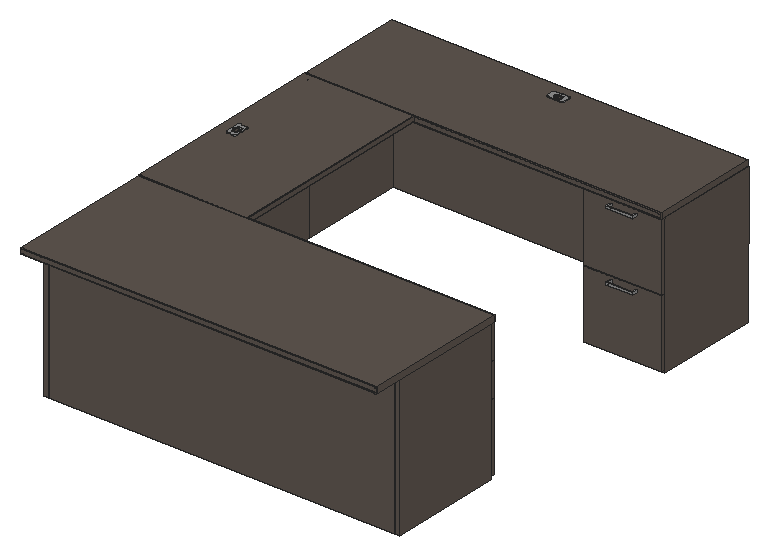
Revit family "T100294", category Furniture, Revit 2022
Family settings
  OmniClass Number = 23.40.20.00
  OmniClass Title = General Furniture and Specialties
  Work Plane-Based = No
  Always vertical = Yes
  Cut with Voids When Loaded = No
  Render Appearance Source = Family Geometry
  Shared = No
  Room Calculation Point = No
Parameters (values of type "T100294")
  URL = "https://ofs.com/"
  Manufacturer = "OFS"
  Description = "OFS TYPICAL T100294"
  Default Elevation = 0"
  Copyright © = "©OFS 2021"
  Catalog = "https://ofs.com/2020-experience"
  Authoring Version = "Autodesk Revit Architecture 2015"
  Assembly Code = "E2020400"
Reference planes (in)
  plane 1 "Center Front/Back": y = 0
  plane 2: z = 0
  plane 3 "Center Left/Right": x = 0
Dimensions and locks (in)
  aligned and locked: level to plane 2
Nested families (in)
  nested 1: "OFS ELEMENT OPEN L DESK LEFT AND RIGHT 84in Width 60in Return" at (102, 18.84375, 84), type "ELEMENT OPEN L DESK LEFT RETURN 84in Width 60in Return"
    with Right Desk Ovelay no, Left Desk Overlay no, Desk Overlay Option yes
  nested 2: "OFS IMPULSE G2 BRIDGES W BACK PANEL" at (14, 0, 0) x (0, 1, 0) z (0, 0, 1), type "Bridge w Back Panel 42"
    with Center Groomet Option yes
  nested 3: "OFS IMPULSE G2 SINGLE LATERAL FILE CREDENZA - Right" at (36, 36, 0), type "Full Single Pedestal Credenza 72 -  Right"
    with Grommet Option yes
  nested 4: "OFS IMPULSE G2 RECTANGULAR FULL MODESTY SINGLE PEDESTAL DESKS Left" at (36, -36, 0) x (-1, 0, 0) z (0, 0, 1), type "Full Modesty Single Pedestal Desk 72x30 Left"
Definition of nested family "OFS IMPULSE G2 BRIDGES W BACK PANEL"
  Parameters (values of type "Bridge w Back Panel 48 Curved")
    Model = "5-2248BRC2"
    Default Elevation = 0"
    Curved Option = yes
    URL = "https://ofs.com/"
    Straight Option = no
    Copyright © = "©OFS 2020"
    Center Groomet Option [instance] = yes
    Width = 48"
    Top Material = none
    Manufacturer = "OFS"
    Edge Material = none
    Description = "OFS IMPULSE G2 CURVED BRIDGE 22\" Depth X 48\" Width"
    Catalog = "https://ofs.com/products/casegoods/private-office/impulse-g2"
    Back Panel Material = none
    Authoring Version = "Autodesk Revit Architecture 2015"
    Assembly Code = "E2020200"
  Types (5): name | Model | Curved Option | Straight Option | Width | Description
    (no name) | "5-2248BRC2" | yes | no | 48" | "OFS IMPULSE G2 CURVED BRIDGE 22\" Depth X 48\" Width"
    Bridge w Back Panel 48 | "5-2248BR2" | no | yes | 48" | "OFS IMPULSE G2 STRAIGHT BRIDGE 22\" Depth X 48\" Width"
    Bridge w Back Panel 42 | "5-2242BR2" | no | yes | 42" | "OFS IMPULSE G2 STRAIGHT BRIDGE 22\" Depth X 42\" Width"
    Bridge w Back Panel 42 Curved | "5-2242BRC2" | yes | no | 42" | "OFS IMPULSE G2 CURVED BRIDGE 22\" Depth X 42\" Width"
    Bridge w Back Panel 48 Curved | "5-2248BRC2" | yes | no | 48" | "OFS IMPULSE G2 CURVED BRIDGE 22\" Depth X 48\" Width"
  Reference planes (in)
    plane 1 "Center Front/Back": y = 3
    plane 2: z = 0
    plane 3 "Center Left/Right": x = 0
    plane 4 "BRIDGE TOP": z = 30
    plane 5 "UNDERSURF": z = 28.812
    plane 6 "BACK PNL BOTTOM": z = 0.5
    plane 7 "BACK PNL TOP": z = 28.687
    plane 8: x = -24
    plane 9: x = 24
    plane 10 "FRONT": y = -8
    plane 11 "BACK": y = 14
    plane 12: y = -7.875
    plane 13: y = 13
  Forms (in)
    Extrusion 1, solid, material <- "Back Panel Material"
      sketch origin (0, 12, 0) x (-1, 0, 0) y (0, 0, 1)
        loop
          line (-24, 28.687) -> (-24, 0.5) -> (24, 0.5) -> (24, 28.687) -> (-24, 28.687)
      from 1 to 2
    Extrusion 2, solid, material <- "Top Material", visible <- "Straight Option"
      sketch origin (0, 0, 30) x (0, 1, 0) y (-1, 0, 0)
        loop
          line (14, 24) -> (-7.875, 24) -> (-7.875, -24) -> (14, -24) -> (14, 24)
      from -1.188 to 0
    Extrusion 3, solid, material <- "Edge Material", visible <- "Straight Option"
      sketch origin (0, 6.25, 0) x (0, 1, 0) y (0, 0, 1)
        loop
          line (-14.125, 28.812) -> (-14.125, 30)
          arc (-14.125, 30) -> (-14.21339, 29.96339) -> (-14.25, 29.875) r 0.125
          line (-14.25, 29.875) -> (-14.25, 28.937)
          arc (-14.25, 28.937) -> (-14.21339, 28.84861) -> (-14.125, 28.812) r 0.125
      from -24 to 24
    Extrusion 4, solid
      sketch origin (0, 0, 28.687) x (0, 1, 0) y (-1, 0, 0)
        loop
          line (13, 24) -> (13, -24) -> (13.875, -24) -> (13.875, 24) -> (13, 24)
      from 0 to 0.125
    Sweep 5, solid, material <- "Edge Material", visible <- "Curved Option"
      path origin (0, 0, 28.812) x (0, 1, 0) y (-1, 0, 0)
        loop
          arc (-8, 24) -> (-3, 0) -> (-8, -24) r 60.1
      profile origin (0, -3, 28.812) x (0, 1, 0) y (0, 0, 1)
        loop
          arc (0.125, 1.188) -> (0.03661, 1.15139) -> (0, 1.063) r 0.125
          line (0, 1.063) -> (0, 0.125)
          arc (0, 0.125) -> (0.03661, 0.03661) -> (0.125, 0) r 0.125
          line (0.125, 0) -> (0.125, 1.188)
    Extrusion 6, void
      sketch origin (0, 0, 28.812) x (0, 1, 0) y (-1, 0, 0)
        loop
          line (-8, 24) -> (-7.84199, 24) -> (-7.84199, 24.07305) -> (-8, 24.07305) -> (-8, 24)
      from 0 to 1.188
    Extrusion 7, void
      sketch origin (0, 0, 28.812) x (0, 1, 0) y (-1, 0, 0)
        loop
          line (-8, -24) -> (-8, -24.0881) -> (-7.8097, -24.0881) -> (-7.8097, -24) -> (-8, -24)
      from 0 to 1.188
    Extrusion 8, solid, material <- "Top Material", visible <- "Curved Option"
      sketch origin (0, 0, 28.812) x (0, 1, 0) y (-1, 0, 0)
        loop
          line (-7.86368, -24) -> (14, -24) -> (14, 24) -> (-7.86368, 24)
          arc (-7.86368, 24) -> (-2.875, 0) -> (-7.86368, -24) r 60.225
      from 0 to 1.188
    Extrusion 9, void
      sketch origin (0, 0, 28.812) x (0, 1, 0) y (-1, 0, 0)
        loop
          line (11.5, 0.7815) -> (10.5, 0.7815) -> (10.5, -0.7815) -> (11.5, -0.7815) -> (11.5, 0.7815)
      from 0 to 1.188
    Extrusion 10, solid, visible <- "Center Groomet Option"
      sketch origin (0, 0, 29.972) x (0, 1, 0) y (-1, 0, 0)
        loop
          arc (12, 1.25) -> (11.87186, 1.55936) -> (11.5625, 1.6875) r 0.4375
          line (11.5625, 1.6875) -> (10.4375, 1.6875)
          arc (10.4375, 1.6875) -> (10.12814, 1.55936) -> (10, 1.25) r 0.4375
          line (10, 1.25) -> (10, 0) -> (10.62004, 0) -> (10.62004, 0.4375)
          arc (10.62004, 0.4375) -> (10.69471, 0.61779) -> (10.875, 0.69246) r 0.25496
          line (10.875, 0.69246) -> (11.125, 0.69246)
          arc (11.125, 0.69246) -> (11.30529, 0.61779) -> (11.37996, 0.4375) r 0.25496
          line (11.37996, 0.4375) -> (11.37996, 0) -> (12, 0) -> (12, 1.25)
      from 0.028 to 0.098
    Sweep 11, void
      path origin (0, 0, 30) x (0, 1, 0) y (-1, 0, 0)
        loop
          line (11.37996, 0) -> (11.37996, 0.4375)
          arc (11.37996, 0.4375) -> (11.30529, 0.61779) -> (11.125, 0.69246) r 0.25496
          line (11.125, 0.69246) -> (10.875, 0.69246)
          arc (10.875, 0.69246) -> (10.69471, 0.61779) -> (10.62004, 0.4375) r 0.25496
          line (10.62004, 0.4375) -> (10.62004, 0)
      profile origin (-0.69246, 11, 30) x (1, 0, 0) y (0, 0, 1)
        loop
          arc (-0.07, 0.07) -> (-0.0205, 0.0495) -> (0, 0) r 0.07
          line (0, 0) -> (0, 0.07) -> (-0.07, 0.07)
    Extrusion 12, solid, visible <- "Center Groomet Option"
      sketch origin (0, 0, 29.942) x (0, 1, 0) y (-1, 0, 0)
        loop
          line (12, -1.25) -> (12, 0) -> (11.37996, 0) -> (11.37996, -0.4375)
          arc (11.37996, -0.4375) -> (11.30529, -0.61779) -> (11.125, -0.69246) r 0.25496
          line (11.125, -0.69246) -> (10.875, -0.69246)
          arc (10.875, -0.69246) -> (10.69471, -0.61779) -> (10.62004, -0.4375) r 0.25496
          line (10.62004, -0.4375) -> (10.62004, 0) -> (10, 0) -> (10, -1.25)
          arc (10, -1.25) -> (10.12814, -1.55936) -> (10.4375, -1.6875) r 0.4375
          line (10.4375, -1.6875) -> (11.5625, -1.6875)
          arc (11.5625, -1.6875) -> (11.87186, -1.55936) -> (12, -1.25) r 0.4375
      from 0.058 to 0.128
    Sweep 13, void
      path origin (0, 0, 30) x (0, 1, 0) y (1, 0, 0)
        loop
          line (11.37996, 0) -> (11.37996, 0.4375)
          arc (11.37996, 0.4375) -> (11.30529, 0.61779) -> (11.125, 0.69246) r 0.25496
          line (11.125, 0.69246) -> (10.875, 0.69246)
          arc (10.875, 0.69246) -> (10.69471, 0.61779) -> (10.62004, 0.4375) r 0.25496
          line (10.62004, 0.4375) -> (10.62004, 0)
      profile origin (0.69246, 11, 30) x (1, 0, 0) y (0, 0, 1)
        loop
          line (0.07, 0.07) -> (0, 0.07) -> (0, 0)
          arc (0, 0) -> (0.0205, 0.0495) -> (0.07, 0.07) r 0.07
  Cuts and joins
    Extrusion 6, Extrusion 7, Extrusion 9 cuts Extrusion 2
    Extrusion 6, Extrusion 7 cuts Extrusion 3
    Extrusion 6, Extrusion 7 cuts Sweep 5
    Extrusion 9 cuts Extrusion 8
    Sweep 11, Sweep 13 cuts Extrusion 10
    Sweep 13 cuts Extrusion 12
  Lines and regions (in)
    Masking region 1, visible <- "Straight Option"
      outline origin (0, 0, 0) x (1, 0, 0) y (0, 1, 0)
        loop
          line (-24, 14) -> (-24, -8) -> (24, -8) -> (24, 14) -> (-24, 14)
    Masking region 2, visible <- "Center Groomet Option"
      outline origin (0, 0, 30) x (0, 1, 0) y (-1, 0, 0)
        loop
          arc (12, 1.25) -> (11.87186, 1.55936) -> (11.5625, 1.6875) r 0.4375
          line (11.5625, 1.6875) -> (10.4375, 1.6875)
          arc (10.4375, 1.6875) -> (10.12814, 1.55936) -> (10, 1.25) r 0.4375
          line (10, 1.25) -> (10, 0) -> (10.62004, 0) -> (10.62004, 0.4375)
          arc (10.62004, 0.4375) -> (10.69471, 0.61779) -> (10.875, 0.69246) r 0.25496
          line (10.875, 0.69246) -> (11.125, 0.69246)
          arc (11.125, 0.69246) -> (11.30529, 0.61779) -> (11.37996, 0.4375) r 0.25496
          line (11.37996, 0.4375) -> (11.37996, 0) -> (12, 0) -> (12, 1.25)
    Masking region 3, visible <- "Center Groomet Option"
      outline origin (0, 0, 30) x (1, 0, 0) y (0, 1, 0)
        loop
          line (1.25, 12) -> (0, 12) -> (0, 11.37996) -> (0.4375, 11.37996)
          arc (0.4375, 11.37996) -> (0.61779, 11.30529) -> (0.69246, 11.125) r 0.25496
          line (0.69246, 11.125) -> (0.69246, 10.875)
          arc (0.69246, 10.875) -> (0.61779, 10.69471) -> (0.4375, 10.62004) r 0.25496
          line (0.4375, 10.62004) -> (0, 10.62004) -> (0, 10) -> (1.25, 10)
          arc (1.25, 10) -> (1.55936, 10.12814) -> (1.6875, 10.4375) r 0.4375
          line (1.6875, 10.4375) -> (1.6875, 11.5625)
          arc (1.6875, 11.5625) -> (1.55936, 11.87186) -> (1.25, 12) r 0.4375
    Masking region 4, visible <- "Curved Option"
      outline origin (0, 0, 0) x (1, 0, 0) y (0, 1, 0)
        loop
          line (-24, 14) -> (-24, -8)
          arc (-24, -8) -> (0, -3.00481) -> (24, -8) r 60.15305
          line (24, -8) -> (24, 14) -> (-24, 14)
  Dimensions and locks (in)
    equal spacing: plane 10 "FRONT", plane 1 "Center Front/Back", plane 11 "BACK", locked at 11 each
    locked: plane 10 "FRONT" to plane 12 at 0.125
    locked: plane 11 "BACK" to plane 13 at 1
    locked: plane 6 "BACK PNL BOTTOM" to plane 2 at 0.5
    locked: Extrusion 1 to Extrusion 4 sketch curve at 0.875
    "Width": plane 8 to plane 9
    equal spacing: plane 8, plane 3 "Center Left/Right", plane 9
    plane 4 "BRIDGE TOP" to plane 5 "UNDERSURF" to plane 7 "BACK PNL TOP" = 1.188" locked, 1/8" locked
    locked: plane 4 "BRIDGE TOP" to plane 2 at 30
    radius of Sweep 5 sketch curve = 60.1"
    aligned and locked: Extrusion 2 to plane 5 "UNDERSURF"
    aligned and locked: plane 4 "BRIDGE TOP" to Extrusion 2
    aligned and locked: plane 12 to Extrusion 2 sketch curve
    aligned and locked: Extrusion 2 sketch curve to plane 9
    aligned and locked: Extrusion 2 sketch curve to plane 8
    aligned and locked: plane 12 to Extrusion 3 sketch curve
    aligned and locked: Extrusion 3 sketch curve to plane 10 "FRONT"
    aligned and locked: Extrusion 3 to plane 8
    aligned and locked: Extrusion 3 to plane 9
    aligned and locked: plane 7 "BACK PNL TOP" to Extrusion 1 sketch curve
    aligned and locked: Extrusion 1 sketch curve to plane 8
    aligned and locked: Extrusion 1 sketch curve to plane 9
    aligned and locked: plane 11 "BACK" to Extrusion 1
    aligned and locked: Extrusion 1 to plane 13
    aligned and locked: Extrusion 4 sketch curve to plane 8
    aligned and locked: Extrusion 4 sketch curve to plane 9
    aligned and locked: Extrusion 4 sketch curve to plane 13
    aligned and locked: plane 8 to Sweep 5 sketch curve
    aligned and locked: plane 9 to Sweep 5 sketch curve
    aligned and locked: cut or joined group of Sweep 5, Extrusion 6, Extrusion 7 to plane 5 "UNDERSURF"  (x2)
    aligned and locked: plane 4 "BRIDGE TOP" to cut or joined group of Sweep 5, Extrusion 6, Extrusion 7  (x2)
    aligned and locked: plane 9 to Extrusion 8 sketch curve  (x2)
    aligned and locked: plane 8 to Extrusion 8 sketch curve
    aligned and locked: plane 4 "BRIDGE TOP" to Extrusion 8
    aligned and locked: Extrusion 8 to plane 5 "UNDERSURF"
    aligned and locked: Extrusion 8 sketch curve to plane 11 "BACK"
    aligned and locked: plane 4 "BRIDGE TOP" to cut or joined group of Extrusion 8, Extrusion 9
    aligned and locked: cut or joined group of Extrusion 8, Extrusion 9 to plane 5 "UNDERSURF"
    aligned and locked: Extrusion 10 to Sweep 11
    aligned and locked: Extrusion 12 to Sweep 11
    aligned and locked: cut or joined group of Extrusion 10, Sweep 11, Sweep 13 to plane 4 "BRIDGE TOP"
    aligned and locked: Extrusion 12 to plane 4 "BRIDGE TOP"
    aligned and locked: plane 4 "BRIDGE TOP" to Sweep 5 sketch curve
  Automatic sketch dimensions
    Extrusion 1 sketch curve to plane 6 "BACK PNL BOTTOM" = 0"
    Extrusion 2 sketch curve to plane 11 "BACK" = 0"
    Extrusion 3 sketch curve to plane 5 "UNDERSURF" = 0"
    Extrusion 3 sketch curve to plane 4 "BRIDGE TOP" = 0"
    Sweep 5 sketch curve to plane 3 "Center Left/Right" = 0"
    plane 10 "FRONT" to Sweep 5 sketch curve = 0"
    Sweep 5 sketch curve to profile plane = 0"
    Sweep 5 sketch curve to plane 5 "UNDERSURF" = 0"
    Sweep 5 sketch curve to profile plane = 1/8"
    Extrusion 6 sketch curve to plane 8 = 0"
    plane 10 "FRONT" to Extrusion 6 sketch curve = 0"
    Extrusion 6 sketch curve to plane 12 = 0.03301"
    Extrusion 6 sketch curve to Extrusion 6 sketch curve = 0.07305"
    plane 10 "FRONT" to Extrusion 7 sketch curve = 0"
    Extrusion 7 sketch curve to plane 9 = 0"
    Extrusion 7 sketch curve to plane 12 = 0.0653"
    Extrusion 7 sketch curve to Extrusion 7 sketch curve = 0.0881"
    Extrusion 8 sketch curve to plane 3 "Center Left/Right" = 0"
    Extrusion 8 sketch curve to plane 12 = 0.01132"
    plane 10 "FRONT" to Extrusion 8 sketch curve = 55.1"
    Extrusion 9 sketch curve to plane 3 "Center Left/Right" = 0.7815"
    Extrusion 9 sketch curve to plane 13 = 2 1/2"
    Extrusion 9 sketch curve to Extrusion 9 sketch curve = 1"
    plane 3 "Center Left/Right" to Extrusion 9 sketch curve = 0.7815"
    Extrusion 10 sketch curve to plane 3 "Center Left/Right" = 1 1/4"
    Extrusion 10 sketch curve to plane 13 = 3"
    Extrusion 10 sketch curve to Extrusion 10 sketch curve = 7/16"  (x2)
    Extrusion 10 sketch curve to Extrusion 10 sketch curve = 0.62004"  (x2)
    Extrusion 10 sketch curve to Extrusion 10 sketch curve = 0.25496"  (x2)
    Extrusion 10 sketch curve to Extrusion 10 sketch curve = 1/4"
    Extrusion 10 sketch curve to plane 3 "Center Left/Right" = 0"  (x2)
    Extrusion 10 sketch curve to plane 3 "Center Left/Right" = 7/16"
    Sweep 11 sketch curve to plane 3 "Center Left/Right" = 7/16"
    Sweep 11 sketch curve to plane 13 = 2.37996"
    Sweep 11 sketch curve to Sweep 11 sketch curve = 0.25496"  (x2)
    Sweep 11 sketch curve to Sweep 11 sketch curve = 1/4"
    Sweep 11 sketch curve to plane 3 "Center Left/Right" = 0"  (x2)
    profile plane to Sweep 11 sketch curve = 0"
    profile plane to Sweep 11 sketch curve = 0.07"
    plane 4 "BRIDGE TOP" to Sweep 11 sketch curve = 0"
    plane 3 "Center Left/Right" to Extrusion 12 sketch curve = 1 1/4"
    Extrusion 12 sketch curve to plane 13 = 3"
    Extrusion 12 sketch curve to Extrusion 12 sketch curve = 7/16"  (x2)
    Extrusion 12 sketch curve to Extrusion 12 sketch curve = 0.62004"  (x2)
    Extrusion 12 sketch curve to Extrusion 12 sketch curve = 0.25496"  (x2)
    Extrusion 12 sketch curve to Extrusion 12 sketch curve = 1/4"
    plane 3 "Center Left/Right" to Extrusion 12 sketch curve = 0"  (x2)
    plane 3 "Center Left/Right" to Extrusion 12 sketch curve = 0.69246"
    Sweep 13 sketch curve to plane 3 "Center Left/Right" = 7/16"
    plane 13 to Sweep 13 sketch curve = 2.37996"
    Sweep 13 sketch curve to Sweep 13 sketch curve = 0.25496"  (x2)
    Sweep 13 sketch curve to Sweep 13 sketch curve = 1/4"
    Sweep 13 sketch curve to plane 3 "Center Left/Right" = 0"  (x2)
    profile plane to Sweep 13 sketch curve = 0"
    plane 4 "BRIDGE TOP" to Sweep 13 sketch curve = 0"
    Sweep 13 sketch curve to Sweep 13 sketch curve = 0.07"
    Masking region 2 sketch curve to plane 13 = 3"
    Masking region 2 sketch curve to Masking region 2 sketch curve = 7/16"  (x2)
    Masking region 2 sketch curve to plane 3 "Center Left/Right" = 0"  (x2)
    Masking region 2 sketch curve to Masking region 2 sketch curve = 0.62004"  (x2)
    Masking region 2 sketch curve to Masking region 2 sketch curve = 0.25496"  (x2)
    Masking region 2 sketch curve to Masking region 2 sketch curve = 1/4"
    Masking region 2 sketch curve to plane 3 "Center Left/Right" = 7/16"
    Masking region 2 sketch curve to Masking region 2 sketch curve = 13/16"
    plane 3 "Center Left/Right" to Masking region 3 sketch curve = 0"  (x2)
    plane 3 "Center Left/Right" to Masking region 3 sketch curve = 7/16"
    Masking region 3 sketch curve to Masking region 3 sketch curve = 0"
    Masking region 3 sketch curve to Masking region 3 sketch curve = 0.25496"
    Masking region 3 sketch curve to Masking region 3 sketch curve = 13/16"
    Masking region 3 sketch curve to Masking region 3 sketch curve = 0.55754"
    Masking region 3 sketch curve to Masking region 3 sketch curve = 7/16"  (x2)
    Masking region 3 sketch curve to plane 13 = 3"
    Masking region 3 sketch curve to Masking region 3 sketch curve = 0.62004"
    Masking region 3 sketch curve to Masking region 3 sketch curve = 1/4"
    Masking region 1 sketch curve to plane 8 = 0"
    Masking region 1 sketch curve to plane 9 = 0"
    plane 10 "FRONT" to Masking region 1 sketch curve = 0"
    Masking region 1 sketch curve to plane 11 "BACK" = 0"
    Masking region 4 sketch curve to plane 8 = 0"
    Masking region 4 sketch curve to plane 3 "Center Left/Right" = 0"
    Masking region 4 sketch curve to plane 9 = 0"
    plane 10 "FRONT" to Masking region 4 sketch curve = 0"
    Masking region 4 sketch curve to plane 11 "BACK" = 0"
    plane 10 "FRONT" to Masking region 4 sketch curve = 55.15786"
Definition of nested family "OFS IMPULSE G2 SINGLE LATERAL FILE CREDENZA - Right"
  Parameters (values of type "3/4 Single Pedestal Credenza 60 -  Right")
    URL = "https://ofs.com/"
    Type Comments = ""
    Model = "5-6022CRR2"
    Height = 21 1/4"
    Drawer Material = none
    Top Material = none
    Manufacturer = "OFS"
    Edge Material = none
    Description = "OFS IMPULSE G2 SINGLE PED CREDENZA 3/4 RIGHT 60X22"
    Width = 60"
    Default Elevation = 0"
    Copyright © = "©OFS 2020"
    Chassis Material = none
    Grommet Option [instance] = yes
    Catalog = "https://ofs.com/products/casegoods/private-office/impulse-g2"
    Authoring Version = "Autodesk Revit Architecture 2015"
    Assembly Code = "E2020200"
  Types (7): name | Model | Height | Description | Width
    (no name) | "5-6022CRR2" | 21 1/4" | "OFS IMPULSE G2 SINGLE PED CREDENZA 3/4 RIGHT 60X22" | 60"
    Full Single Pedestal Credenza 60 -  Right | "5-6022FCRR2" | 28.187" | "OFS IMPULSE G2 SINGLE PED CREDENZA RIGHT FULL 60X22" | 60"
    Full Single Pedestal Credenza 66 -  Right | "5-6622FCRR2" | 28.187" | "OFS IMPULSE G2 SINGLE PED CREDENZA RIGHT FULL 66X22" | 66"
    Full Single Pedestal Credenza 72 -  Right | "5-7222FCRR2" | 28.187" | "OFS IMPULSE G2 SINGLE PED CREDENZA RIGHT FULL 72X22" | 72"
    3/4 Single Pedestal Credenza 60 -  Right | "5-6022CRR2" | 21 1/4" | "OFS IMPULSE G2 SINGLE PED CREDENZA 3/4 RIGHT 60X22" | 60"
    3/4 Single Pedestal Credenza 66 -  Right | "5-6622CRR2" | 21 1/4" | "OFS IMPULSE G2 SINGLE PED CREDENZA 3/4 RIGHT 66X22" | 66"
    3/4 Single Pedestal Credenza 72 -  Right | "5-7222CRR2" | 21 1/4" | "OFS IMPULSE G2 SINGLE PED CREDENZA 3/4 RIGHT 72X22" | 72"
  Reference planes (in)
    plane 1 "Center Front/Back": y = -4
    plane 2: z = 0
    plane 3 "Center Left/Right": x = 0
    plane 4 "LEFT": x = -30
    plane 5 "RIGHT": x = 30
    plane 6 "DESK TOP": z = 30
    plane 7 "BASE HEIGHT": z = 28.812
    plane 8 "FRONT": y = -15
    plane 9 "PEDESTAL BOTTOM": z = 7.437
    plane 10 "PEDESTAL TOP": z = 28.687
    plane 11: z = 8
    plane 12 "PEDESTAL FRONT": y = -14
    plane 13 "DRAWER FRONT": y = -14.75
    plane 14: z = 21.75
    plane 15: z = 21.875
    plane 16: x = 29.937
    plane 17: x = 14.187
    plane 18: x = 14.124
    plane 19: x = -29
    plane 20: x = 28.937
    plane 21: x = 14.874
    plane 22: z = 8.187
    plane 23 "MODESTY PANEL": y = 7
    plane 24: y = 5.95
    plane 25: y = 6.7
  Forms (in)
    Extrusion 1, solid, material <- "Drawer Material"
      sketch origin (0, -14.75, 0) x (-1, 0, 0) y (0, 0, -1)
        loop
          line (-29.937, -21.75) -> (-14.187, -21.75) -> (-14.187, -8) -> (-29.937, -8) -> (-29.937, -21.75)
      from -0.75 to 0
    Extrusion 2, solid, material <- "Drawer Material"
      sketch origin (0, -14.75, 0) x (-1, 0, 0) y (0, 0, -1)
        loop
          line (-29.937, -28.687) -> (-14.187, -28.687) -> (-14.187, -21.875) -> (-29.937, -21.875) -> (-29.937, -28.687)
      from -0.75 to 0
    Extrusion 3, solid, material <- "Chassis Material"
      sketch origin (-30, 0, 0) x (0, 1, 0) y (0, 0, 1)
        loop
          line (-15, 28.687) -> (-15, 0.499) -> (7, 0.499) -> (7, 28.687) -> (-15, 28.687)
      from 0 to 1
    Extrusion 4, solid, material <- "Chassis Material"
      sketch origin (36, 0, 0) x (0, 1, 0) y (0, 0, -1)
        loop
          line (-14, -28.687) -> (7, -28.687) -> (7, -0.499) -> (-14, -0.499) -> (-14, -28.687)
      from 6 to 7.063
    Extrusion 5, solid, material <- "Chassis Material"
      sketch origin (18, 0, 0) x (0, 1, 0) y (0, 0, -1)
        loop
          line (-14, -28.812) -> (5.95, -28.812) -> (5.95, -7.437) -> (-14, -7.437) -> (-14, -28.812)
      from 3.126 to 3.876
    Extrusion 6, solid, material <- "Chassis Material"
      sketch origin (0, 7, 0) x (-1, 0, 0) y (0, 0, 1)
        loop
          line (-28.937, 28.812) -> (-28.937, 0.499) -> (29, 0.499) -> (29, 28.812) -> (-28.937, 28.812)
      from -1.05 to -0.3
    Extrusion 7, solid, material <- "Chassis Material"
      sketch origin (0, 0, 7.437) x (0, 1, 0) y (-1, 0, 0)
        loop
          line (5.95, -14.874) -> (-14, -14.874) -> (-14, -28.937) -> (5.95, -28.937) -> (5.95, -14.874)
      from 0 to 0.75
    Extrusion 8, solid, material <- "Top Material"
      sketch origin (0, 0, 30) x (0, 1, 0) y (-1, 0, 0)
        loop
          line (7, 30) -> (-14.875, 30) -> (-14.875, -30) -> (7, -30) -> (7, 30)
      from -1.188 to 0
    Extrusion 9, solid, material <- "Edge Material"
      sketch origin (0, 0, 0) x (0, 1, 0) y (0, 0, 1)
        loop
          line (-14.875, 28.812) -> (-14.875, 30)
          arc (-14.875, 30) -> (-14.96339, 29.96339) -> (-15, 29.875) r 0.125
          line (-15, 29.875) -> (-15, 28.937)
          arc (-15, 28.937) -> (-14.96339, 28.84861) -> (-14.875, 28.812) r 0.125
      from -30 to 30
    Extrusion 10, solid
      sketch origin (19.03911, -15.37535, 22.938) x (-1, 0, 0) y (0, -1, 0)
        loop
          line (-5.74164, -0.62535) -> (-5.36664, -0.62535) -> (-5.36664, 0.18715) -> (-0.67914, 0.18715) -> (-0.67914, -0.62535) -> (-0.30414, -0.62535) -> (-0.30414, 0.37465) -> (-5.74164, 0.37465) -> (-5.74164, -0.62535)
      from 4.53125 to 5
    Extrusion 11, solid
      sketch origin (19.03911, -15.37535, 9.063) x (-1, 0, 0) y (0, -1, 0)
        loop
          line (-5.74164, -0.62535) -> (-5.36664, -0.62535) -> (-5.36664, 0.18715) -> (-0.67914, 0.18715) -> (-0.67914, -0.62535) -> (-0.30414, -0.62535) -> (-0.30414, 0.37465) -> (-5.74164, 0.37465) -> (-5.74164, -0.62535)
      from 11.46825 to 11.937
    Extrusion 12, solid
      sketch origin (0, 0, 28.687) x (0, 1, 0) y (-1, 0, 0)
        loop
          line (6.875, 29) -> (6.875, 29.875) -> (-14.875, 29.875) -> (-14.875, 29) -> (6.875, 29)
      from 0 to 0.125
    Extrusion 13, solid
      sketch origin (0, 0, 28.687) x (0, 1, 0) y (-1, 0, 0)
        loop
          line (6.875, -28.937) -> (-14, -28.937) -> (-14, -29.875) -> (6.875, -29.875) -> (6.875, -28.937)
      from 0 to 0.125
    Extrusion 14, solid, visible <- "Grommet Option"
      sketch origin (0, -7, 29.972) x (0, 1, 0) y (-1, 0, 0)
        loop
          arc (12, 1.25) -> (11.87186, 1.55936) -> (11.5625, 1.6875) r 0.4375
          line (11.5625, 1.6875) -> (10.4375, 1.6875)
          arc (10.4375, 1.6875) -> (10.12814, 1.55936) -> (10, 1.25) r 0.4375
          line (10, 1.25) -> (10, 0) -> (10.62004, 0) -> (10.62004, 0.4375)
          arc (10.62004, 0.4375) -> (10.69471, 0.61779) -> (10.875, 0.69246) r 0.25496
          line (10.875, 0.69246) -> (11.125, 0.69246)
          arc (11.125, 0.69246) -> (11.30529, 0.61779) -> (11.37996, 0.4375) r 0.25496
          line (11.37996, 0.4375) -> (11.37996, 0) -> (12, 0) -> (12, 1.25)
      from 0.028 to 0.098
    Sweep 15, void
      path origin (0, -7, 30) x (0, 1, 0) y (-1, 0, 0)
        loop
          line (11.37996, 0) -> (11.37996, 0.4375)
          arc (11.37996, 0.4375) -> (11.30529, 0.61779) -> (11.125, 0.69246) r 0.25496
          line (11.125, 0.69246) -> (10.875, 0.69246)
          arc (10.875, 0.69246) -> (10.69471, 0.61779) -> (10.62004, 0.4375) r 0.25496
          line (10.62004, 0.4375) -> (10.62004, 0)
      profile origin (-0.69246, 4, 30) x (1, 0, 0) y (0, 0, 1)
        loop
          arc (-0.07, 0.07) -> (-0.0205, 0.0495) -> (0, 0) r 0.07
          line (0, 0) -> (0, 0.07) -> (-0.07, 0.07)
    Extrusion 16, solid, visible <- "Grommet Option"
      sketch origin (0, -7, 29.942) x (0, 1, 0) y (-1, 0, 0)
        loop
          line (12, -1.25) -> (12, 0) -> (11.37996, 0) -> (11.37996, -0.4375)
          arc (11.37996, -0.4375) -> (11.30529, -0.61779) -> (11.125, -0.69246) r 0.25496
          line (11.125, -0.69246) -> (10.875, -0.69246)
          arc (10.875, -0.69246) -> (10.69471, -0.61779) -> (10.62004, -0.4375) r 0.25496
          line (10.62004, -0.4375) -> (10.62004, 0) -> (10, 0) -> (10, -1.25)
          arc (10, -1.25) -> (10.12814, -1.55936) -> (10.4375, -1.6875) r 0.4375
          line (10.4375, -1.6875) -> (11.5625, -1.6875)
          arc (11.5625, -1.6875) -> (11.87186, -1.55936) -> (12, -1.25) r 0.4375
      from 0.058 to 0.128
    Sweep 17, void
      path origin (0, -7, 30) x (0, 1, 0) y (1, 0, 0)
        loop
          line (11.37996, 0) -> (11.37996, 0.4375)
          arc (11.37996, 0.4375) -> (11.30529, 0.61779) -> (11.125, 0.69246) r 0.25496
          line (11.125, 0.69246) -> (10.875, 0.69246)
          arc (10.875, 0.69246) -> (10.69471, 0.61779) -> (10.62004, 0.4375) r 0.25496
          line (10.62004, 0.4375) -> (10.62004, 0)
      profile origin (0.69247, 4, 30) x (1, 0, 0) y (0, 0, 1)
        loop
          line (0.07, 0.07) -> (0, 0.07) -> (0, 0)
          arc (0, 0) -> (0.0205, 0.0495) -> (0.07, 0.07) r 0.07
    Extrusion 18, void
      sketch origin (0, 0, 30) x (0, 1, 0) y (-1, 0, 0)
        loop
          line (3.5, 0.75) -> (3.5, -0.75) -> (4.5, -0.75) -> (4.5, 0.75) -> (3.5, 0.75)
      from -1.188 to 0
  Cuts and joins
    Sweep 15, Extrusion 18 cuts Extrusion 14
    Sweep 15, Sweep 17, Extrusion 18 cuts Extrusion 16
    Extrusion 18 cuts Extrusion 8
  Lines and regions (in)
    Masking region 1
      outline origin (0, 0, 0) x (1, 0, 0) y (0, 1, 0)
        loop
          line (-30, 7) -> (-30, -15) -> (30, -15) -> (30, 7) -> (-30, 7)
    Masking region 2
      outline origin (0, 0, 0) x (0, 1, 0) y (-1, 0, 0)
        loop
          line (-15, -24.78075) -> (-15, -24.40575) -> (-15.5625, -24.40575) -> (-15.5625, -19.71825) -> (-15, -19.71825) -> (-15, -19.34325) -> (-15.75, -19.34325) -> (-15.75, -24.78075) -> (-15, -24.78075)
    Masking region 3, visible <- "Grommet Option"
      outline origin (0, -7, 30) x (0, 1, 0) y (-1, 0, 0)
        loop
          arc (12, 1.25) -> (11.87186, 1.55936) -> (11.5625, 1.6875) r 0.4375
          line (11.5625, 1.6875) -> (10.4375, 1.6875)
          arc (10.4375, 1.6875) -> (10.12814, 1.55936) -> (10, 1.25) r 0.4375
          line (10, 1.25) -> (10, 0) -> (10.62004, 0) -> (10.62004, 0.4375)
          arc (10.62004, 0.4375) -> (10.69471, 0.61779) -> (10.875, 0.69246) r 0.25496
          line (10.875, 0.69246) -> (11.125, 0.69246)
          arc (11.125, 0.69246) -> (11.30529, 0.61779) -> (11.37996, 0.4375) r 0.25496
          line (11.37996, 0.4375) -> (11.37996, 0) -> (12, 0) -> (12, 1.25)
    Masking region 4, visible <- "Grommet Option"
      outline origin (0, -7, 30) x (1, 0, 0) y (0, 1, 0)
        loop
          line (1.25, 12) -> (0, 12) -> (0, 11.37996) -> (0.4375, 11.37996)
          arc (0.4375, 11.37996) -> (0.61779, 11.30529) -> (0.69246, 11.125) r 0.25496
          line (0.69246, 11.125) -> (0.69246, 10.875)
          arc (0.69246, 10.875) -> (0.61779, 10.69471) -> (0.4375, 10.62004) r 0.25496
          line (0.4375, 10.62004) -> (0, 10.62004) -> (0, 10) -> (1.25, 10)
          arc (1.25, 10) -> (1.55936, 10.12814) -> (1.6875, 10.4375) r 0.4375
          line (1.6875, 10.4375) -> (1.6875, 11.5625)
          arc (1.6875, 11.5625) -> (1.55936, 11.87186) -> (1.25, 12) r 0.4375
  Dimensions and locks (in)
    equal spacing: plane 4 "LEFT", plane 3 "Center Left/Right", plane 5 "RIGHT"
    "Width": plane 4 "LEFT" to plane 5 "RIGHT"
    plane 15 to plane 14 to plane 11 = 1/8" locked, 13 3/4" locked
    plane 22 to plane 11 to plane 9 "PEDESTAL BOTTOM" = 0.187" locked, 0.563" locked
    locked: Extrusion 4 to Extrusion 3 sketch curve at 28.188
    locked: Extrusion 6 sketch curve to Extrusion 8 at 28.313
    plane 14 to Extrusion 11 to Extrusion 11 = 3/4" locked, 15/32" locked
    locked: plane 6 "DESK TOP" to plane 2 at 30
    plane 6 "DESK TOP" to plane 7 "BASE HEIGHT" to plane 10 "PEDESTAL TOP" = 1.188" locked, 1/8" locked
    "Height": plane 10 "PEDESTAL TOP" to plane 9 "PEDESTAL BOTTOM"
    plane 23 "MODESTY PANEL" to plane 25 to plane 24 = 0.3" locked, 3/4" locked
    locked: plane 8 "FRONT" to plane 23 "MODESTY PANEL" at 22
    equal spacing: plane 23 "MODESTY PANEL", plane 1 "Center Front/Back", plane 8 "FRONT"
    plane 18 to plane 17 to plane 21 to plane 20 to plane 16 to plane 5 "RIGHT" = 0.063" locked, 0.687" locked, 14.063" locked, 1" locked, 0.063" locked
    locked: plane 4 "LEFT" to plane 19 at 1
    aligned and locked: plane 10 "PEDESTAL TOP" to Extrusion 3 sketch curve
    aligned: plane 12 "PEDESTAL FRONT" to Extrusion 3 sketch curve
    aligned: Extrusion 3 to plane 4 "LEFT"
    aligned: plane 19 to Extrusion 3
    aligned and locked: plane 5 "RIGHT" to Extrusion 4
    aligned and locked: plane 20 to Extrusion 4
    aligned and locked: Extrusion 5 to plane 21
    aligned and locked: plane 18 to Extrusion 5
    aligned and locked: plane 7 "BASE HEIGHT" to Extrusion 5
    aligned: Extrusion 4 to plane 9 "PEDESTAL BOTTOM"
    aligned and locked: Extrusion 5 to plane 9 "PEDESTAL BOTTOM"
    aligned and locked: plane 7 "BASE HEIGHT" to Extrusion 6 sketch curve
    aligned and locked: Extrusion 6 sketch curve to plane 20
    aligned and locked: Extrusion 6 sketch curve to plane 19
    aligned: Extrusion 6 to plane 24
    aligned: plane 23 "MODESTY PANEL" to Extrusion 6
    aligned and locked: plane 24 to Extrusion 5
    aligned and locked: Extrusion 7 to plane 9 "PEDESTAL BOTTOM"
    aligned and locked: plane 22 to Extrusion 7
    aligned and locked: Extrusion 7 sketch curve to plane 24
    aligned and locked: Extrusion 7 sketch curve to plane 21
    aligned and locked: plane 20 to Extrusion 7 sketch curve
    aligned and locked: Extrusion 7 sketch curve to plane 12 "PEDESTAL FRONT"
    aligned and locked: Extrusion 8 to plane 7 "BASE HEIGHT"
    aligned and locked: plane 6 "DESK TOP" to Extrusion 8
    aligned and locked: Extrusion 9 sketch curve to plane 8 "FRONT"
    aligned and locked: Extrusion 9 to plane 4 "LEFT"
    aligned and locked: plane 5 "RIGHT" to Extrusion 9
    aligned and locked: plane 15 to Extrusion 2 sketch curve
    aligned and locked: Extrusion 12 to plane 10 "PEDESTAL TOP"
    aligned and locked: plane 7 "BASE HEIGHT" to Extrusion 12
    aligned and locked: level to plane 2
    aligned and locked: Extrusion 6 to Extrusion 4
    aligned and locked: Masking region 1 sketch curve to plane 23 "MODESTY PANEL"
    aligned: plane 23 "MODESTY PANEL" to Extrusion 3
    aligned and locked: Extrusion 8 sketch curve to Masking region 1
    aligned and locked: plane 23 "MODESTY PANEL" to Extrusion 4
    aligned and locked: plane 25 to Extrusion 6
    aligned and locked: Extrusion 6 to plane 24
    aligned and locked: Extrusion 14 to Sweep 15
    aligned and locked: Extrusion 16 to Sweep 15
    aligned and locked: plane 6 "DESK TOP" to cut or joined group of Extrusion 8, Extrusion 18
    aligned and locked: cut or joined group of Extrusion 8, Extrusion 18 to plane 7 "BASE HEIGHT"
    aligned and locked: plane 19 to Extrusion 3
  Automatic sketch dimensions
    Extrusion 1 sketch curve to plane 14 = 0"
    Extrusion 1 sketch curve to plane 16 = 0"
    Extrusion 1 sketch curve to plane 11 = 0"
    plane 17 to Extrusion 1 sketch curve = 0"
    Extrusion 2 sketch curve to plane 16 = 0"
    Extrusion 2 sketch curve to plane 10 "PEDESTAL TOP" = 0"
    plane 17 to Extrusion 2 sketch curve = 0"
    Extrusion 3 sketch curve to plane 23 "MODESTY PANEL" = 0"
    Extrusion 4 sketch curve to plane 10 "PEDESTAL TOP" = 0"
    Extrusion 4 sketch curve to plane 12 "PEDESTAL FRONT" = 0"
    Extrusion 4 sketch curve to plane 23 "MODESTY PANEL" = 0"
    level to Extrusion 4 sketch curve = 0.499"
    Extrusion 5 sketch curve to plane 7 "BASE HEIGHT" = 0"
    Extrusion 5 sketch curve to plane 12 "PEDESTAL FRONT" = 0"
    Extrusion 5 sketch curve to plane 9 "PEDESTAL BOTTOM" = 0"
    Extrusion 5 sketch curve to plane 24 = 0"
    Extrusion 8 sketch curve to plane 4 "LEFT" = 0"
    Extrusion 8 sketch curve to plane 5 "RIGHT" = 0"
    Extrusion 8 sketch curve to plane 8 "FRONT" = 1/8"
    Extrusion 9 sketch curve to plane 6 "DESK TOP" = 0"
    Extrusion 9 sketch curve to plane 7 "BASE HEIGHT" = 0"
    Extrusion 9 sketch curve to plane 8 "FRONT" = 1/8"
    plane 13 "DRAWER FRONT" to Extrusion 10 sketch curve = 0"  (x2)
    plane 20 to Extrusion 10 sketch curve = 4 5/32"
    Extrusion 10 sketch curve to Extrusion 10 sketch curve = 3/8"  (x2)
    plane 8 "FRONT" to Extrusion 10 sketch curve = 9/16"
    Extrusion 10 sketch curve to Extrusion 10 sketch curve = 4 11/16"
    Extrusion 10 sketch curve to Extrusion 10 sketch curve = 3/16"
    plane 13 "DRAWER FRONT" to Extrusion 11 sketch curve = 0"  (x2)
    plane 20 to Extrusion 11 sketch curve = 4 5/32"
    Extrusion 11 sketch curve to Extrusion 11 sketch curve = 3/8"  (x2)
    plane 8 "FRONT" to Extrusion 11 sketch curve = 9/16"
    Extrusion 11 sketch curve to Extrusion 11 sketch curve = 4 11/16"
    Extrusion 11 sketch curve to Extrusion 11 sketch curve = 3/16"
    Masking region 1 sketch curve to plane 4 "LEFT" = 0"
    Masking region 1 sketch curve to plane 5 "RIGHT" = 0"
    plane 8 "FRONT" to Masking region 1 sketch curve = 0"
    plane 8 "FRONT" to Masking region 2 sketch curve = 0"  (x2)
    Masking region 2 sketch curve to Masking region 2 sketch curve = 9/16"
    Masking region 2 sketch curve to Masking region 2 sketch curve = 3/16"
    plane 20 to Masking region 2 sketch curve = 4 5/32"
    Masking region 2 sketch curve to Masking region 2 sketch curve = 3/8"  (x2)
    Masking region 2 sketch curve to Masking region 2 sketch curve = 4 11/16"
    plane 12 "PEDESTAL FRONT" to Extrusion 12 sketch curve = 7/8"
    Extrusion 12 sketch curve to plane 19 = 0"
    Extrusion 12 sketch curve to plane 23 "MODESTY PANEL" = 1/8"
    plane 12 "PEDESTAL FRONT" to Extrusion 13 sketch curve = 0"
    Extrusion 13 sketch curve to plane 20 = 0"
    plane 16 to Extrusion 13 sketch curve = 0.062"
    plane 23 "MODESTY PANEL" to Extrusion 13 sketch curve = 1/8"
    Extrusion 14 sketch curve to plane 3 "Center Left/Right" = 1 1/4"
    Extrusion 14 sketch curve to plane 1 "Center Front/Back" = 7"
    Extrusion 14 sketch curve to Extrusion 14 sketch curve = 7/16"  (x3)
    Extrusion 14 sketch curve to Extrusion 14 sketch curve = 0.62004"  (x2)
    Extrusion 14 sketch curve to Extrusion 14 sketch curve = 0.25496"  (x2)
    Extrusion 14 sketch curve to Extrusion 14 sketch curve = 1/4"
    Extrusion 14 sketch curve to plane 3 "Center Left/Right" = 0"  (x2)
    Sweep 15 sketch curve to plane 3 "Center Left/Right" = 7/16"
    Sweep 15 sketch curve to plane 1 "Center Front/Back" = 7.62004"
    Sweep 15 sketch curve to Sweep 15 sketch curve = 0.25496"  (x2)
    Sweep 15 sketch curve to Sweep 15 sketch curve = 1/4"
    Sweep 15 sketch curve to plane 3 "Center Left/Right" = 0"  (x2)
    Sweep 15 sketch curve to profile plane = 0"
    profile plane to Sweep 15 sketch curve = 0"
    profile plane to Sweep 15 sketch curve = 0.07"
    plane 3 "Center Left/Right" to Extrusion 16 sketch curve = 1 1/4"
    Extrusion 16 sketch curve to plane 1 "Center Front/Back" = 7"
    Extrusion 16 sketch curve to Extrusion 16 sketch curve = 7/16"  (x2)
    plane 3 "Center Left/Right" to Extrusion 16 sketch curve = 7/16"
    Extrusion 16 sketch curve to Extrusion 16 sketch curve = 0.62004"  (x2)
    Extrusion 16 sketch curve to Extrusion 16 sketch curve = 0.25496"  (x2)
    Extrusion 16 sketch curve to Extrusion 16 sketch curve = 1/4"
    plane 3 "Center Left/Right" to Extrusion 16 sketch curve = 0"  (x2)
    Sweep 17 sketch curve to plane 3 "Center Left/Right" = 7/16"
    plane 1 "Center Front/Back" to Sweep 17 sketch curve = 7.62004"
    Sweep 17 sketch curve to Sweep 17 sketch curve = 0.25496"  (x2)
    Sweep 17 sketch curve to Sweep 17 sketch curve = 1/4"
    Sweep 17 sketch curve to plane 3 "Center Left/Right" = 0"  (x2)
    profile plane to Sweep 17 sketch curve = 0"
    Sweep 17 sketch curve to profile plane = 0"
    Sweep 17 sketch curve to Sweep 17 sketch curve = 0.07"
    Masking region 3 sketch curve to plane 1 "Center Front/Back" = 7"
    Masking region 3 sketch curve to Masking region 3 sketch curve = 7/16"  (x3)
    Masking region 3 sketch curve to plane 3 "Center Left/Right" = 0"  (x2)
    Masking region 3 sketch curve to Masking region 3 sketch curve = 0.62004"  (x2)
    Masking region 3 sketch curve to Masking region 3 sketch curve = 0.25496"  (x2)
    Masking region 3 sketch curve to Masking region 3 sketch curve = 1/4"
    Masking region 3 sketch curve to Masking region 3 sketch curve = 13/16"
    plane 3 "Center Left/Right" to Masking region 4 sketch curve = 0"  (x2)
    plane 3 "Center Left/Right" to Masking region 4 sketch curve = 7/16"
    Masking region 4 sketch curve to Masking region 4 sketch curve = 0"
    Masking region 4 sketch curve to Masking region 4 sketch curve = 0.25496"
    Masking region 4 sketch curve to Masking region 4 sketch curve = 13/16"
    Masking region 4 sketch curve to Masking region 4 sketch curve = 0.55754"
    Masking region 4 sketch curve to Masking region 4 sketch curve = 7/16"  (x2)
    Masking region 4 sketch curve to plane 1 "Center Front/Back" = 7"
    Masking region 4 sketch curve to Masking region 4 sketch curve = 0.62004"
    Masking region 4 sketch curve to Masking region 4 sketch curve = 1/4"
    Extrusion 18 sketch curve to plane 24 = 2.45"
    Extrusion 18 sketch curve to Extrusion 18 sketch curve = 1"
    Extrusion 18 sketch curve to plane 3 "Center Left/Right" = 3/4"
    plane 3 "Center Left/Right" to Extrusion 18 sketch curve = 3/4"
    plane 12 "PEDESTAL FRONT" to Extrusion 3 sketch curve = 1"
    plane 4 "LEFT" to Extrusion 12 sketch curve = 1/8"
Definition of nested family "OFS IMPULSE G2 RECTANGULAR FULL MODESTY SINGLE PEDESTAL DESKS Left"
  Parameters (values of type "Full Modesty Single Pedestal Desk 72x36 Left")
    URL = "https://ofs.com/"
    Height = 28.187"
    Model = "5-7236FLPD2"
    Full Pedestal = Height > 25"  # yes
    Drawer Material = none
    Width = 72"
    Depth = 36"
    Top Material = none
    Manufacturer = "OFS"
    Edge Material = none
    Description = "OFS IMPULSE G2 FULL MODESTY SINGLE PEDESTAL DESK 72\" Width X 36\" Depth, Left Sided"
    Default Elevation = 0"
    Copyright © = "©OFS 2020"
    Catalog = "https://ofs.com/products/casegoods/private-office/impulse-g2"
    Chassis Material = none
    Authoring Version = "Autodesk Revit Architecture 2015"
    Assembly Code = "E2020200"
  Types (4): name | Model | Width | Depth | Description
    (no name) | "5-7236FLPD2" | 72" | 36" | "OFS IMPULSE G2 FULL MODESTY SINGLE PEDESTAL DESK 72\" Width X 36\" Depth, Left Sided"
    Full Modesty Single Pedestal Desk 66x30 Left | "5-6630FLPD2" | 66" | 30" | "OFS IMPULSE G2 FULL MODESTY SINGLE PEDESTAL DESK 66\" Width X 30\" Depth, Left Sided"
    Full Modesty Single Pedestal Desk 72x36 Left | "5-7236FLPD2" | 72" | 36" | "OFS IMPULSE G2 FULL MODESTY SINGLE PEDESTAL DESK 72\" Width X 36\" Depth, Left Sided"
    Full Modesty Single Pedestal Desk 72x30 Left | "5-7230FLPD2" | 72" | 30" | "OFS IMPULSE G2 FULL MODESTY SINGLE PEDESTAL DESK 72\" Width X 30\" Depth, Left Sided"
  Reference planes (in)
    plane 1 "Center Front/Back": y = 0
    plane 2: z = 0
    plane 3 "Center Left/Right": x = 0
    plane 4 "LEFT": x = -36
    plane 5 "RIGHT": x = 36
    plane 6 "DESK TOP": z = 30
    plane 7 "BASE HEIGHT": z = 28.812
    plane 8 "BACK": y = 18
    plane 9 "FRONT": y = -18
    plane 10 "PEDESTAL BOTTOM": z = 0.5
    plane 11 "PEDESTAL TOP": z = 28.687
    plane 12: z = 1.063
    plane 13 "PEDESTAL FRONT": y = -17
    plane 14 "DRAWER FRONT": y = -17.75
    plane 15: z = 14.813
    plane 16: z = 14.938
    plane 17: z = 21.874
    plane 18: z = 21.75
    plane 19: x = -35.937
    plane 20: x = -20.187
    plane 21: x = -20.124
    plane 22: x = -34.937
    plane 23: x = -20.874
    plane 24: x = 34.937
    plane 25: z = 1.25
    plane 26 "MODESTY PANEL": y = 12
    plane 27: y = 11.25
    plane 28: y = 17.875
  Forms (in)
    Extrusion 1, solid, material <- "Drawer Material"
      sketch origin (0, -17.75, 0) x (1, 0, 0) y (0, 0, 1)
        loop
          line (-35.937, 14.813) -> (-35.937, 1.063) -> (-20.187, 1.063) -> (-20.187, 14.813) -> (-35.937, 14.813)
      from -0.75 to 0
    Extrusion 2, solid, visible <- "Full Pedestal"
      sketch origin (0, -17.75, 0) x (1, 0, 0) y (0, 0, 1)
        loop
          line (-35.937, 21.75) -> (-35.937, 14.938) -> (-20.187, 14.938) -> (-20.187, 21.75) -> (-35.937, 21.75)
      from -0.75 to 0
    Extrusion 3, solid
      sketch origin (0, -17.75, 0) x (1, 0, 0) y (0, 0, 1)
        loop
          line (-35.937, 28.687) -> (-35.937, 21.874) -> (-20.187, 21.874) -> (-20.187, 28.687) -> (-35.937, 28.687)
      from -0.75 to 0
    Extrusion 4, solid, material <- "Chassis Material"
      sketch origin (-36, 0, 0) x (0, 1, 0) y (0, 0, 1)
        loop
          line (-17, 28.687) -> (-17, 0.499) -> (12, 0.499) -> (12, 28.687) -> (-17, 28.687)
      from 0 to 1.063
    Extrusion 5, solid, material <- "Chassis Material"
      sketch origin (36, 0, 0) x (0, 1, 0) y (0, 0, -1)
        loop
          line (-17.875, -28.687) -> (12, -28.687) -> (12, -0.499) -> (-17.875, -0.499) -> (-17.875, -28.687)
      from 0 to 1.063
    Extrusion 6, solid, material <- "Chassis Material"
      sketch origin (-15, 0, 0) x (0, 1, 0) y (0, 0, -1)
        loop
          line (-17, -28.812) -> (11.25, -28.812) -> (11.25, -0.5) -> (-17, -0.5) -> (-17, -28.812)
      from 5.124 to 5.874
    Extrusion 7, solid, material <- "Chassis Material"
      sketch origin (0, 12, 0) x (-1, 0, 0) y (0, 0, 1)
        loop
          line (-34.937, 28.812) -> (-34.937, 0.499) -> (34.937, 0.499) -> (34.937, 28.812) -> (-34.937, 28.812)
      from -0.75 to 0
    Extrusion 8, solid, material <- "Chassis Material"
      sketch origin (0, 0, 0.5) x (0, 1, 0) y (-1, 0, 0)
        loop
          line (11.25, 20.874) -> (11.25, 34.937) -> (-17, 34.937) -> (-17, 20.874) -> (11.25, 20.874)
      from 0 to 0.75
    Extrusion 9, solid, material <- "Top Material"
      sketch origin (0, 0, 30) x (0, 1, 0) y (-1, 0, 0)
        loop
          line (17.875, 36) -> (-17.875, 36) -> (-17.875, -36) -> (17.875, -36) -> (17.875, 36)
      from -1.188 to 0
    Extrusion 10, solid, material <- "Edge Material"
      sketch origin (0, 0, 0) x (0, 1, 0) y (0, 0, 1)
        loop
          line (-17.875, 28.812) -> (-17.875, 30)
          arc (-17.875, 30) -> (-17.96339, 29.96339) -> (-18, 29.875) r 0.125
          line (-18, 29.875) -> (-18, 28.937)
          arc (-18, 28.937) -> (-17.96339, 28.84861) -> (-17.875, 28.812) r 0.125
      from -36 to 36
    Extrusion 11, solid, visible <- "Full Pedestal"
      sketch origin (-19.03911, -15.37535, 16.001) x (1, 0, 0) y (0, 1, 0)
        loop
          line (-11.74164, -2.37465) -> (-11.74164, -3.37465) -> (-6.30414, -3.37465) -> (-6.30414, -2.37465) -> (-6.67914, -2.37465) -> (-6.67914, -3.18715) -> (-11.36664, -3.18715) -> (-11.36664, -2.37465) -> (-11.74164, -2.37465)
      from 4.53125 to 5
    Extrusion 12, solid
      sketch origin (-19.03911, -15.37535, 22.938) x (1, 0, 0) y (0, 1, 0)
        loop
          line (-11.74164, -2.37465) -> (-11.74164, -3.37465) -> (-6.30414, -3.37465) -> (-6.30414, -2.37465) -> (-6.67914, -2.37465) -> (-6.67914, -3.18715) -> (-11.36664, -3.18715) -> (-11.36664, -2.37465) -> (-11.74164, -2.37465)
      from 4.53125 to 5
    Extrusion 13, solid
      sketch origin (-19.03911, -15.37535, 9.063) x (1, 0, 0) y (0, 1, 0)
        loop
          line (-11.74164, -2.37465) -> (-11.74164, -3.37465) -> (-6.30414, -3.37465) -> (-6.30414, -2.37465) -> (-6.67914, -2.37465) -> (-6.67914, -3.18715) -> (-11.36664, -3.18715) -> (-11.36664, -2.37465) -> (-11.74164, -2.37465)
      from 4.53125 to 5
    Extrusion 14, solid
      sketch origin (0, 0, 28.687) x (0, 1, 0) y (-1, 0, 0)
        loop
          line (12, 34.937) -> (12, 35.875) -> (-17, 35.875) -> (-17, 34.937) -> (12, 34.937)
      from 0 to 0.125
    Extrusion 15, solid
      sketch origin (0, 0, 28.687) x (0, 1, 0) y (-1, 0, 0)
        loop
          line (12, -34.937) -> (-17.75, -34.937) -> (-17.75, -35.875) -> (12, -35.875) -> (12, -34.937)
      from 0 to 0.125
    Extrusion 16, solid, material <- "Edge Material"
      sketch origin (0, 0, 0) x (0, -1, 0) y (0, 0, -1)
        loop
          arc (-17.875, -28.812) -> (-17.96339, -28.84861) -> (-18, -28.937) r 0.125
          line (-18, -28.937) -> (-18, -29.875)
          arc (-18, -29.875) -> (-17.96339, -29.96339) -> (-17.875, -30) r 0.125
          line (-17.875, -30) -> (-17.875, -28.812)
      from -36 to 36
  Lines and regions (in)
    Masking region 1
      outline origin (0, 0, 0) x (1, 0, 0) y (0, 1, 0)
        loop
          line (-36, 18) -> (-36, -18) -> (36, -18) -> (36, 18) -> (-36, 18)
    Masking region 2
      outline origin (0, 0, 0) x (1, 0, 0) y (0, 1, 0)
        loop
          line (-30.78075, -18) -> (-30.78075, -18.75) -> (-25.34325, -18.75) -> (-25.34325, -18) -> (-25.71825, -18) -> (-25.71825, -18.5625) -> (-30.40575, -18.5625) -> (-30.40575, -18) -> (-30.78075, -18)
  Dimensions and locks (in)
    equal spacing: plane 4 "LEFT", plane 3 "Center Left/Right", plane 5 "RIGHT"
    "Width": plane 4 "LEFT" to plane 5 "RIGHT"
    plane 16 to plane 15 to plane 12 = 1/8" locked, 13 3/4" locked
    locked: plane 11 "PEDESTAL TOP" to plane 17 at 6.813
    locked: plane 17 to plane 18 at 0.124
    plane 25 to plane 12 to plane 10 "PEDESTAL BOTTOM" = 0.187" locked, 0.563" locked
    locked: Extrusion 5 to Extrusion 4 sketch curve at 28.188
    locked: Extrusion 7 sketch curve to Extrusion 9 at 28.313
    locked: plane 6 "DESK TOP" to plane 2 at 30
    plane 6 "DESK TOP" to plane 7 "BASE HEIGHT" to plane 11 "PEDESTAL TOP" = 1.188" locked, 1/8" locked
    "Height": plane 11 "PEDESTAL TOP" to plane 10 "PEDESTAL BOTTOM"
    "Depth": plane 9 "FRONT" to plane 8 "BACK"
    equal spacing: plane 9 "FRONT", plane 1 "Center Front/Back", plane 8 "BACK"
    plane 4 "LEFT" to plane 19 to plane 22 to plane 23 to plane 20 to plane 21 = 0.063" locked, 1" locked, 14.063", 0.687" locked, 0.063" locked
    locked: plane 24 to plane 5 "RIGHT" at 1.063
    locked: plane 8 "BACK" to plane 28 at 0.125
    plane 9 "FRONT" to plane 14 "DRAWER FRONT" to plane 13 "PEDESTAL FRONT" = 1/4" locked, 3/4" locked
    locked: plane 27 to plane 26 "MODESTY PANEL" at 0.75
    plane 8 "BACK" to plane 26 "MODESTY PANEL" = 6"
    aligned and locked: plane 19 to Extrusion 1 sketch curve
    aligned and locked: Extrusion 1 sketch curve to plane 15
    aligned and locked: plane 12 to Extrusion 1 sketch curve
    aligned and locked: Extrusion 1 sketch curve to plane 20
    aligned and locked: Extrusion 2 sketch curve to plane 19
    aligned and locked: Extrusion 2 sketch curve to plane 16
    aligned and locked: plane 20 to Extrusion 2 sketch curve
    aligned and locked: plane 18 to Extrusion 2 sketch curve
    aligned and locked: Extrusion 3 sketch curve to plane 17
    aligned and locked: plane 20 to Extrusion 3 sketch curve
    aligned and locked: plane 11 "PEDESTAL TOP" to Extrusion 3 sketch curve
    aligned and locked: Extrusion 3 to plane 13 "PEDESTAL FRONT"
    aligned and locked: plane 14 "DRAWER FRONT" to Extrusion 3
    aligned and locked: Extrusion 2 to plane 13 "PEDESTAL FRONT"
    aligned and locked: plane 14 "DRAWER FRONT" to Extrusion 2
    aligned and locked: Extrusion 1 to plane 13 "PEDESTAL FRONT"
    aligned and locked: plane 14 "DRAWER FRONT" to Extrusion 1
    aligned and locked: plane 11 "PEDESTAL TOP" to Extrusion 4 sketch curve
    aligned and locked: plane 13 "PEDESTAL FRONT" to Extrusion 4 sketch curve
    aligned: Extrusion 4 to plane 4 "LEFT"
    aligned: plane 22 to Extrusion 4
    aligned and locked: Extrusion 6 to plane 23
    aligned and locked: plane 21 to Extrusion 6
    aligned: Extrusion 5 to plane 10 "PEDESTAL BOTTOM"
    aligned and locked: Extrusion 6 to plane 10 "PEDESTAL BOTTOM"
    aligned and locked: plane 7 "BASE HEIGHT" to Extrusion 6
    aligned and locked: plane 7 "BASE HEIGHT" to Extrusion 7 sketch curve
    aligned and locked: Extrusion 7 sketch curve to plane 24
    aligned and locked: Extrusion 7 sketch curve to plane 22
    aligned: Extrusion 7 to plane 27
    aligned: plane 26 "MODESTY PANEL" to Extrusion 7
    aligned and locked: plane 27 to Extrusion 6
    aligned and locked: Extrusion 8 sketch curve to plane 22
    aligned and locked: plane 27 to Extrusion 8 sketch curve
    aligned and locked: plane 23 to Extrusion 8 sketch curve
    aligned and locked: plane 13 "PEDESTAL FRONT" to Extrusion 8 sketch curve
    aligned and locked: Extrusion 8 to plane 10 "PEDESTAL BOTTOM"
    aligned and locked: plane 25 to Extrusion 8
    aligned and locked: Extrusion 9 to plane 7 "BASE HEIGHT"
    aligned and locked: plane 6 "DESK TOP" to Extrusion 9
    aligned and locked: Extrusion 10 sketch curve to plane 9 "FRONT"
    aligned and locked: Extrusion 10 to plane 4 "LEFT"
    aligned and locked: plane 5 "RIGHT" to Extrusion 10
    aligned and locked: Extrusion 14 to plane 11 "PEDESTAL TOP"
    aligned and locked: plane 7 "BASE HEIGHT" to Extrusion 14
    aligned and locked: level to plane 2
    aligned and locked: Masking region 1 sketch curve to plane 8 "BACK"
    aligned and locked: plane 8 "BACK" to Extrusion 16 sketch curve
    aligned and locked: Extrusion 16 to plane 28
    aligned and locked: Extrusion 16 to plane 4 "LEFT"
    aligned and locked: plane 14 "DRAWER FRONT" to Extrusion 15
    aligned and locked: Extrusion 5 sketch curve to Extrusion 10
    aligned and locked: plane 5 "RIGHT" to Extrusion 16
    aligned and locked: plane 24 to Extrusion 5
    aligned and locked: plane 5 "RIGHT" to Extrusion 5
  Automatic sketch dimensions
    Extrusion 3 sketch curve to plane 19 = 0"
    Extrusion 5 sketch curve to plane 11 "PEDESTAL TOP" = 0"
    Extrusion 5 sketch curve to plane 10 "PEDESTAL BOTTOM" = 0.001"
    Extrusion 6 sketch curve to plane 7 "BASE HEIGHT" = 0"
    Extrusion 6 sketch curve to plane 13 "PEDESTAL FRONT" = 0"
    Extrusion 6 sketch curve to plane 10 "PEDESTAL BOTTOM" = 0"
    Extrusion 6 sketch curve to plane 27 = 0"
    Extrusion 10 sketch curve to plane 6 "DESK TOP" = 0"
    Extrusion 10 sketch curve to plane 7 "BASE HEIGHT" = 0"
    Extrusion 10 sketch curve to plane 9 "FRONT" = 1/8"
    plane 14 "DRAWER FRONT" to Extrusion 11 sketch curve = 0"  (x2)
    plane 22 to Extrusion 11 sketch curve = 4 5/32"
    Extrusion 11 sketch curve to Extrusion 11 sketch curve = 3/8"  (x2)
    plane 9 "FRONT" to Extrusion 11 sketch curve = 9/16"
    Extrusion 11 sketch curve to Extrusion 11 sketch curve = 4 11/16"
    Extrusion 11 sketch curve to Extrusion 11 sketch curve = 3/16"
    plane 14 "DRAWER FRONT" to Extrusion 12 sketch curve = 0"  (x2)
    plane 22 to Extrusion 12 sketch curve = 4 5/32"
    Extrusion 12 sketch curve to Extrusion 12 sketch curve = 3/8"  (x2)
    plane 9 "FRONT" to Extrusion 12 sketch curve = 9/16"
    Extrusion 12 sketch curve to Extrusion 12 sketch curve = 4 11/16"
    Extrusion 12 sketch curve to Extrusion 12 sketch curve = 3/16"
    plane 14 "DRAWER FRONT" to Extrusion 13 sketch curve = 0"  (x2)
    plane 22 to Extrusion 13 sketch curve = 4 5/32"
    Extrusion 13 sketch curve to Extrusion 13 sketch curve = 3/8"  (x2)
    plane 9 "FRONT" to Extrusion 13 sketch curve = 9/16"
    Extrusion 13 sketch curve to Extrusion 13 sketch curve = 4 11/16"
    Extrusion 13 sketch curve to Extrusion 13 sketch curve = 3/16"
    Masking region 1 sketch curve to plane 4 "LEFT" = 0"
    Masking region 1 sketch curve to plane 5 "RIGHT" = 0"
    plane 9 "FRONT" to Masking region 1 sketch curve = 0"
    plane 9 "FRONT" to Masking region 2 sketch curve = 0"  (x2)
    plane 22 to Masking region 2 sketch curve = 4 5/32"
    Masking region 2 sketch curve to Masking region 2 sketch curve = 3/8"  (x2)
    plane 9 "FRONT" to Masking region 2 sketch curve = 9/16"
    Masking region 2 sketch curve to Masking region 2 sketch curve = 4 11/16"
    Masking region 2 sketch curve to Masking region 2 sketch curve = 3/16"
    plane 13 "PEDESTAL FRONT" to Extrusion 14 sketch curve = 0"
    Extrusion 14 sketch curve to plane 22 = 0"
    plane 19 to Extrusion 14 sketch curve = 0.062"
    Extrusion 15 sketch curve to plane 13 "PEDESTAL FRONT" = 3/4"
    Extrusion 15 sketch curve to plane 24 = 0"
    plane 5 "RIGHT" to Extrusion 15 sketch curve = 1/8"
    Extrusion 16 sketch curve to plane 6 "DESK TOP" = 0"
    Extrusion 16 sketch curve to plane 7 "BASE HEIGHT" = 0"
    Extrusion 14 sketch curve to plane 8 "BACK" = 6"
    plane 8 "BACK" to Extrusion 15 sketch curve = 6"
    plane 8 "BACK" to Extrusion 16 sketch curve = 1/8"
    Extrusion 9 sketch curve to plane 4 "LEFT" = 0"
    Extrusion 9 sketch curve to plane 28 = 0"
    Extrusion 9 sketch curve to plane 5 "RIGHT" = 0"
    Extrusion 9 sketch curve to plane 9 "FRONT" = 1/8"
    Extrusion 5 sketch curve to plane 8 "BACK" = 6"
    Extrusion 4 sketch curve to plane 8 "BACK" = 6"
Definition of nested family "OFS ELEMENT OPEN L DESK LEFT AND RIGHT 84in Width 60in Return"
  Parameters (values of type "ELEMENT OPEN L DESK RIGHT RETURN 84in Width 60in Return")
    Worksurface Material = none
    Width = 84"
    URL = "http://www.ofsbrands.com/"
    Transaction Shelf Material = none
    Table Supp from Lateral = 2 5/8"
    Table Supp from Center = 11 1/8"
    Table Depth = 13 1/2"
    Right Return Desk Option = no
    Right Desk Ovelay [instance] = and(Right Return Desk Option, Desk Overlay Option)  # no
    Return Worksurface Width = 22"
    Paper Organizer Material = none
    Paper Organizer Depth = 12 3/4"
